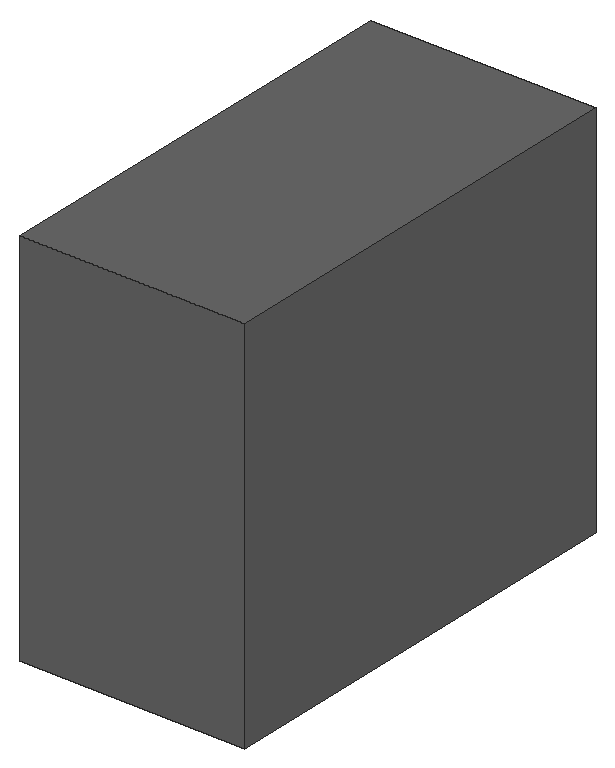
Revit family "Domotics-DomesticRanges-GEWISS-SYSTEM_COMMAND-DIMMER_ROTATING", category Apparecchi elettrici, host Superficie, Revit 2016
Family settings
  Host = Superficie
  Mantenere orientamento annotazione = Sì
  Tipo di parte = Normale
  Quota connettore circolare = Usa diametro
  Taglio con vuoti quando caricato = Sì
  Condiviso = Sì
  Punto di calcolo locali = Sì
Parameters (values of type "GW21811 - Elec.dimmer rot.2way 230V 100-500W black")
  Volt = 230 V
  Vista in pianta [instance] = yes
  Version file RFA = "19.4"
  URL = "https://www.gewiss.com/ww/en"
  Tipo simbolo = PULSANTI : DIMMMANOPDEV
  Technical sheet = "https://www.gewiss.com/ww/en/search?q=GW21811"
  TIPO = System Dimmer Pulsante Rotativo_GENERICO : nero
  Supply voltage = "230V - 50 / 60 Hz"
  Simbolo [instance] = yes
  SEO = "Dimmer"
  Resistive load 230V ac = "100-500 W"
  Resistive load = "100-500 W"
  Realized by GEWISS S.p.A. = ""
  Default Elevation = 1219.2 mm
  Produttore = "GEWISS S.p.A."
  Offset presa [instance] = 0 mm
  Offset bidimensionale [instance] = 39 mm
  No. SYSTEM modules = "1"
  N. poli = 1
  Modello = "GW21811"
  Load type = "Resistive/Inductive"
  Inductive load 230V ac = "100-500 VA"
  Inductive load = "100-500 VA"
  Immagine tipo = GW21811.jpg
  IFC.TypeObject = ""
  IFC.ExportType = ""
  IFC.ExportAs = ""
  IDT = "cd208314-872c-4e47-a50d-a4c5fc02c05e"
  IDF = "4e647ec0-afb7-4243-b30c-ae0389bc0b33"
  Electrocod = "0130"
  EAN code = "8011564129351"
  Distanza_x [instance] = 0 mm
  Distanza_effettiva_y [instance] = 100 mm
  Distanza_effettiva_x [instance] = 1000 mm - Distanza_x  # 1000 mm
  Distanza orizzontale del simbolo [instance] = 77.492 mm
  Distanza dal muro [instance] = 4.208 mm
  Descrizione = "ELEC.DIMMER ROT.2WAY 230V 100-500W SY/BK"
  Description. = "Rotary dimmer"
  Control = "Rotary"
  Command = "Rotary"
  Colour = "Black"
  Catalogue Range = "SYSTEM - DOMESTIC RANGE"
  Catalogue = "DOMOTICS"
  Carico apparente = 0 VA
  COBie.Tagnumber = ""
  COBie.CreatedOn = ""
  COBie.CreatebBy = ""
  COBie.ComponentRegisterItemID = ""
  COBie.Component.TagNumber = ""
  COBie.Component.Space = ""
  COBie.Component.SerialNumber = ""
  COBie.Component.InstallationDate = ""
  COBie.Component.Description = ""
  COBie.Component.BarCode = ""
Types (6, lengths in mm): name | Tipo simbolo | Technical sheet | TIPO | Resistive load 230V ac | Resistive load | Modello | Load type | Inductive load 230V ac | Inductive load | Immagine tipo | IDT | EAN code | Descrizione | Colour
  GW20802 - Elec.dimmer rot.230V 100-500W white | PULSANTI : DIMMMANOP | "https://www.gewiss.com/ww/en/search?q=GW20802" | System Dimmer Pulsante Rotativo_GENERICO : bianco | "100-500 W" | "100-500 W" | "GW20802" | "Resistive" | "" | "" | GW20802.jpg | "a6d9a81c-2cdb-42a3-8983-78db3d17be39" | "8011564001183" | "ELEC.DIMMER ROT.230V 100-500W SY/WT" | "White"
  GW20803 - Elec.dimmer rot.230V 100-900W white | PULSANTI : DIMMMANOP | "https://www.gewiss.com/ww/en/search?q=GW20803" | System Dimmer Pulsante Rotativo_GENERICO : bianco | "100-900 W" | "100-900 W" | "GW20803" | "Resistive/Inductive" | "40-300 VA" | "40-300 VA" | GW20803.jpg | "64336ce2-9e72-4c47-bfb2-aeb1ec7e4ba8" | "8011564001190" | "ELEC.DIMMER ROT.230V 100-900W SY/WT" | "White"
  GW20811 - Elec.dimmer rot.2way 230V 100-500W white | PULSANTI : DIMMMANOPDEV | "https://www.gewiss.com/ww/en/search?q=GW20811" | System Dimmer Pulsante Rotativo_GENERICO : bianco | "100-500 W" | "100-500 W" | "GW20811" | "Resistive/Inductive" | "100-500 VA" | "100-500 VA" | GW20811.jpg | "4bda530b-0e0a-4e2d-b240-2a2a9c0bd9f8" | "8011564054875" | "ELEC.DIMMER ROT.2WAY 230V 100-500W SY/WT" | "White"
  GW21802 - Elec.dimmer rot.230V 100-500W black | PULSANTI : DIMMMANOP | "https://www.gewiss.com/ww/en/search?q=GW21802" | System Dimmer Pulsante Rotativo_GENERICO : nero | "100-500 W" | "100-500 W" | "GW21802" | "Resistive" | "" | "" | GW21802.jpg | "651a05a7-cfd3-44ad-a0c5-311b59714b6a" | "8011564129320" | "ELEC.DIMMER ROT.230V 100-500W SY/BK" | "Black"
  GW21803 - Elec.dimmer rot.230V 100-900W black | PULSANTI : DIMMMANOP | "https://www.gewiss.com/ww/en/search?q=GW21803" | System Dimmer Pulsante Rotativo_GENERICO : nero | "100-900 W" | "100-900 W" | "GW21803" | "Resistive/Inductive" | "40-300 VA" | "40-300 VA" | GW21803.jpg | "5aa27e53-bfd2-41be-85d0-22e14fdf6e2a" | "8011564129344" | "ELEC.DIMMER ROT.230V 100-900W SY/BK" | "Black"
  GW21811 - Elec.dimmer rot.2way 230V 100-500W black | PULSANTI : DIMMMANOPDEV | "https://www.gewiss.com/ww/en/search?q=GW21811" | System Dimmer Pulsante Rotativo_GENERICO : nero | "100-500 W" | "100-500 W" | "GW21811" | "Resistive/Inductive" | "100-500 VA" | "100-500 VA" | GW21811.jpg | "cd208314-872c-4e47-a50d-a4c5fc02c05e" | "8011564129351" | "ELEC.DIMMER ROT.2WAY 230V 100-500W SY/BK" | "Black"
Reference planes
  plane 1 "Centro (Fronte/Retro)": y = 0
  plane 2: z = 0
  plane 3 "Centro (Sinistra/Destra)": x = 0
  plane 4: x = -1000
  plane 5: x = 0
  plane 6: y = 100
  plane 7: z = 0
  plane 8: z = 39
Lines and regions (mm)
  Masking region 1, visible <- "Vista in pianta"
    outline origin (0, 0, 0) x (1, 0, 0) y (0, 1, 0)
      loop
        line (-11.5, 22.5) -> (-11.5, -22.5) -> (11.5, -22.5) -> (11.5, 22.5) -> (-11.5, 22.5)
  Masking region 2, visible <- "Vista in pianta"
    outline origin (0, 0, 0) x (1, 0, 0) y (0, 0, 1)
      loop
        line (-11.5, 39) -> (-11.5, 0) -> (11.5, 0) -> (11.5, 39) -> (-11.5, 39)
  Masking region 3, visible <- "Vista in pianta"
    outline origin (0, 0, 0) x (0, 1, 0) y (0, 0, 1)
      loop
        line (-22.5, 39) -> (-22.5, 0) -> (22.5, 0) -> (22.5, 39) -> (-22.5, 39)
Dimensions and locks
  plane 4 to plane 3 "Centro (Sinistra/Destra)" = 1000 mm
  "Distanza_effettiva_x": plane 4 to plane 5
  "Distanza_effettiva_y": plane 6 to plane 1 "Centro (Fronte/Retro)"
  "Offset presa": plane 7 to host face
  "Offset bidimensionale": plane 8 to host face
  aligned and locked: plane 2 to host face
  aligned and locked: level to host face
  aligned and locked: nested 2 to plane 6
  aligned and locked: plane 5 to nested 2
  aligned and locked: Masking region 1 sketch curve to nested 1  (x4)
  aligned and locked: Masking region 2 sketch curve to nested 1  (x4)
  aligned and locked: nested 1 to plane 7
  aligned and locked: import instance to plane 8
  aligned and locked: Masking region 3 sketch curve to nested 1  (x4)
Automatic sketch dimensions
  host sketch curve to host sketch curve = 2438.4 mm  (x2)
Nested families
  nested 1: "System Dimmer Pulsante Rotativo_GENERICO" at (0, 0, 0), type <- "TIPO", type "nero", detail levels medium+fine
  nested 2: "PULSANTI" at (0, 100, 0), Distanza dal muro <- "Distanza dal muro", SIMBOLO <- "Simbolo", type <- "Tipo simbolo", visible <- "Simbolo", type "DIMMMANOPDEV"
    with TESTO ELETTRICO "", SIMBOLO yes, Distanza dal muro 4.208 mm, BORDO ACCESO yes
Connectors
  electrical at (0, 0, 0), driven by "N. poli", driven by "Volt", driven by "Carico apparente"
    settings: on nested 1, index 1, voltage 230 V, apparent load 0 VA, apparent load phase1 0 VA, apparent load phase2 0 VA, apparent load phase3 0 VA, power factor 1, load classification "Altro", number of poles 1, system type 31, power factor state 1, is connector primary yes, connector utility no, sub classification motor no, connector description ""
Definition of nested family "System Dimmer Pulsante Rotativo_GENERICO"
  Parameters (values of type "bianco")
    Profondità presa = 39 mm
    Lunghezza = 43 mm
    Larghezza = 25 mm
    Finitura Dimmer = none
    Altezza da Terra = 750 mm
  Types (2): name
    bianco
    nero
  Reference planes
    plane 1 "Centro (Fronte/Retro)": y = 0
    plane 2: z = 0
    plane 3 "Centro (Sinistra/Destra)": x = 0
    plane 4: z = 39
  Forms (mm)
    Extrusion 1, solid, material <- "Finitura Dimmer"
      sketch origin (-34.399, -795.742, 39) x (1, 0, 0) y (0, 1, 0)
        loop
          line (22.899, 818.242) -> (22.899, 773.242) -> (45.899, 773.242) -> (45.899, 818.242) -> (22.899, 818.242)
      from 0 to -39
  Lines and regions (mm)
    model lines, detail levels medium+fine
      curve 1: circle (0.165, 5.027, 39) r 7.891 normal (0, 0, 1)
      curve 2: circle (0.165, 5.027, 39) r 9.447 normal (0, 0, 1)
      curve 3: circle (0.165, -11.593, 39) r 3.104 normal (0, 0, 1)
      curve 4: line (-6.325, 15.158, 39) -> (-4.091, 17.334, 39)
      curve 5: line (-4.091, 17.334, 39) -> (-1.457, 18.479, 39)
      curve 6: line (-1.457, 18.479, 39) -> (1.635, 19.109, 39)
      curve 7: line (1.635, 19.109, 39) -> (4.441, 18.995, 39)
      curve 8: line (4.441, 18.995, 39) -> (7.361, 17.62, 39)
      curve 9: line (7.361, 17.62, 39) -> (5.471, 15.158, 39)
      curve 10: line (5.471, 15.158, 39) -> (2.494, 16.532, 39)
      curve 11: line (2.494, 16.532, 39) -> (-0.312, 16.933, 39)
      curve 12: line (-0.312, 16.933, 39) -> (-3.175, 16.532, 39)
      curve 13: line (-3.175, 16.532, 39) -> (-5.008, 15.845, 39)
      curve 14: line (-5.008, 15.845, 39) -> (-6.325, 15.158, 39)
  Dimensions and locks
    "Profondità presa": plane 4 to level
    aligned and locked: level to plane 2
    aligned and locked: Extrusion 1 to level
  Automatic sketch dimensions
    Extrusion 1 sketch curve to plane 3 "Centro (Sinistra/Destra)" = 11.5 mm
    plane 3 "Centro (Sinistra/Destra)" to Extrusion 1 sketch curve = 11.5 mm
    plane 1 "Centro (Fronte/Retro)" to Extrusion 1 sketch curve = 22.5 mm
    Extrusion 1 sketch curve to plane 1 "Centro (Fronte/Retro)" = 22.5 mm
    curve 1 to curve 2 = 0 mm  (x2)
    curve 4 to Extrusion 1 = 5.175 mm
    curve 4 to curve 13 = 1.317 mm
    curve 14 to curve 5 = 0.916 mm
    curve 5 to curve 12 = 0.916 mm
    curve 6 to Extrusion 1 = 4.021 mm
    curve 13 to curve 6 = 1.718 mm
    curve 12 to Extrusion 1 = 5.567 mm
    curve 5 to curve 12 = 1.145 mm
    curve 1 to Extrusion 1 = 11.335 mm
    curve 3 to Extrusion 1 = 11.335 mm
    curve 7 to Extrusion 1 = 3.391 mm
    curve 11 to curve 7 = 1.947 mm
    curve 6 to curve 11 = 0.859 mm
    curve 7 to Extrusion 1 = 3.505 mm
    curve 6 to curve 7 = 2.806 mm
    curve 10 to curve 10 = 2.978 mm
    curve 9 to curve 8 = 1.89 mm
    curve 10 to curve 6 = 2.577 mm
    curve 12 to curve 5 = 1.947 mm
    curve 13 to curve 12 = 0.687 mm
    curve 14 to curve 13 = 0.687 mm
    curve 9 to curve 10 = 1.374 mm
    curve 1 to curve 9 = 10.131 mm
    curve 3 to Extrusion 1 = 10.907 mm
    curve 12 to curve 5 = 0.802 mm
    curve 9 to curve 9 = 2.462 mm
    radius of curve 1 = 7.891 mm
    radius of curve 2 = 9.447 mm
    radius of curve 3 = 3.104 mm
Definition of nested family "PULSANTI"
  Parameters (values of type "DIMMMANOP")
    TESTO ELETTRICO [instance] = ""
    Simbolo = PULSANTI_BASE : DIMMMANOP
    SIMBOLO [instance] = yes
    Distanza dal muro [instance] = 4.208 mm
    BORDO ACCESO [instance] = yes
  Types (11, lengths in mm): name | TESTO ELETTRICO | Simbolo
    PULSANTE | "" | PULSANTI_BASE : PULSANTE
    PULSTIRANTE | "" | PULSANTI_BASE : PULSTIRANTE
    PULSCHIAVE | "" | PULSANTI_BASE : PULSCHIAVE
    TARGA | "" | PULSANTI_BASE : TARGA
    RRNC | "A" | PULSANTI_BASE : RRNC
    MARNO | "M" | PULSANTI_BASE : MARNO
    LUM | "" | PULSANTI_BASE : LUM
    DOPPIO | "" | PULSANTI_BASE : DOPPIO
    DIMMPULS | "" | PULSANTI_BASE : DIMMPULS
    DIMMMANOP | "" | PULSANTI_BASE : DIMMMANOP
    DIMMMANOPDEV | "" | PULSANTI_BASE : DIMMMANOPDEV
  Reference planes
    plane 1: y = 0
    plane 2: x = 0
  Lines and regions (mm)
    detail lines, visible <- "BORDO ACCESO", not visible
      curve 1: line (-2.25, 0.412, 0) -> (2.25, 0.412, 0)
      curve 2: line (2.25, 0.412, 0) -> (2.25, -5.588, 0)
      curve 3: line (2.25, -5.588, 0) -> (-2.25, -5.588, 0)
      curve 4: line (-2.25, -5.588, 0) -> (-2.25, 0.412, 0)
      curve 30: line (-1.85, 0.012, 0) -> (1.85, 0.012, 0)
      curve 31: line (1.85, 0.012, 0) -> (1.85, -5.188, 0)
      curve 32: line (1.85, -5.188, 0) -> (-1.85, -5.188, 0)
      curve 33: line (-1.85, -5.188, 0) -> (-1.85, 0.012, 0)
      curve 34: line (-2.25, 6, 0) -> (2.25, 6, 0)
      curve 35: line (2.25, 6, 0) -> (2.25, 0, 0)
      curve 36: line (2.25, 0, 0) -> (-2.25, 0, 0)
      curve 37: line (-2.25, 0, 0) -> (-2.25, 6, 0)
      curve 61: line (-1.85, 5.6, 0) -> (1.85, 5.6, 0)
      curve 62: line (1.85, 5.6, 0) -> (1.85, 0.4, 0)
      curve 63: line (1.85, 0.4, 0) -> (-1.85, 0.4, 0)
      curve 64: line (-1.85, 0.4, 0) -> (-1.85, 5.6, 0)
      curve 65: line (-2.443, 10.208, 0) -> (2.057, 10.208, 0)
      curve 66: line (2.057, 10.208, 0) -> (2.057, 4.208, 0)
      curve 67: line (2.057, 4.208, 0) -> (-2.443, 4.208, 0)
      curve 68: line (-2.443, 4.208, 0) -> (-2.443, 10.208, 0)
      curve 69: line (-2.043, 9.808, 0) -> (1.657, 9.808, 0)
      curve 70: line (1.657, 9.808, 0) -> (1.657, 4.608, 0)
      curve 71: line (1.657, 4.608, 0) -> (-2.043, 4.608, 0)
      curve 72: line (-2.043, 4.608, 0) -> (-2.043, 9.808, 0)
    detail lines, not visible
      curve 5: line (-9.473, -5.588, 0) -> (10.527, -5.588, 0)
      curve 6: circle (-0.56, -0.487, 0) r 0.969 normal (0, 0, 1)
      curve 7: line (-0.005, 0.306, 0) -> (0.852, 1.529, 0)
      curve 8: line (0.852, 1.529, 0) -> (1.529, 1.047, 0)
      curve 9: circle (-0.56, -315.487, 0) r 0.969 normal (0, 0, 1)
      curve 10: line (-0.005, -314.694, 0) -> (0.852, -313.471, 0)
      curve 11: line (0.852, -313.471, 0) -> (1.529, -313.953, 0)
      curve 12: line (-1.245, -314.803, 0) -> (0.124, -316.172, 0)
      curve 13: line (0.124, -314.803, 0) -> (-1.245, -316.172, 0)
      curve 14: circle (-0.56, -480.487, 0) r 0.969 normal (0, 0, 1)
      curve 15: line (-0.005, -479.694, 0) -> (0.852, -478.471, 0)
      curve 16: line (0.852, -478.471, 0) -> (1.529, -478.953, 0)
      curve 17: line (0.493, -478.983, 0) -> (1.167, -479.462, 0)
      curve 18: circle (-0.56, -880.487, 0) r 0.969 normal (0, 0, 1)
      curve 19: line (-0.005, -879.694, 0) -> (0.852, -878.471, 0)
      curve 20: line (0.852, -878.471, 0) -> (1.529, -878.953, 0)
      curve 21: line (-1.245, -879.803, 0) -> (0.124, -881.172, 0)
      curve 22: line (0.124, -879.803, 0) -> (-1.245, -881.172, 0)
      curve 23: line (0.493, -878.983, 0) -> (1.167, -879.462, 0)
      curve 24: circle (-0.56, -365.487, 0) r 0.969 normal (0, 0, 1)
      curve 25: line (-0.005, -364.694, 0) -> (0.852, -363.471, 0)
      curve 26: line (0.852, -363.471, 0) -> (1.529, -363.953, 0)
      curve 27: line (-0.56, -364.925, 0) -> (-0.56, -366.05, 0)
      curve 28: line (0.493, -363.983, 0) -> (1.167, -364.462, 0)
      curve 29: line (0, 3.621, 0) -> (0, -16.379, 0)
      curve 38: circle (-0.56, 2.417, 0) r 0.969 normal (0, 0, 1)
      curve 39: line (-0.005, 3.21, 0) -> (0.852, 4.433, 0)
      curve 40: line (0.852, 4.433, 0) -> (1.529, 3.951, 0)
      curve 41: circle (-0.56, 2.417, 0) r 0.969 normal (0, 0, 1)
      curve 42: line (-0.005, 3.21, 0) -> (0.852, 4.433, 0)
      curve 43: line (0.852, 4.433, 0) -> (1.529, 3.951, 0)
      curve 44: line (-1.245, 3.102, 0) -> (0.124, 1.732, 0)
      curve 45: line (0.124, 3.102, 0) -> (-1.245, 1.732, 0)
      curve 46: circle (-0.56, 2.417, 0) r 0.969 normal (0, 0, 1)
      curve 47: line (-0.005, 3.21, 0) -> (0.852, 4.433, 0)
      curve 48: line (0.852, 4.433, 0) -> (1.529, 3.951, 0)
      curve 49: circle (-0.56, 2.417, 0) r 0.969 normal (0, 0, 1)
      curve 50: line (-0.005, 3.21, 0) -> (0.852, 4.433, 0)
      curve 51: line (0.852, 4.433, 0) -> (1.529, 3.951, 0)
      curve 52: line (-1.245, 3.102, 0) -> (0.124, 1.732, 0)
      curve 53: line (0.124, 3.102, 0) -> (-1.245, 1.732, 0)
      curve 54: line (0.493, 3.921, 0) -> (1.167, 3.442, 0)
      curve 55: line (0.493, 3.921, 0) -> (1.167, 3.442, 0)
      curve 56: circle (-0.56, 2.417, 0) r 0.969 normal (0, 0, 1)
      curve 57: line (-0.005, 3.21, 0) -> (0.852, 4.433, 0)
      curve 58: line (0.852, 4.433, 0) -> (1.529, 3.951, 0)
      curve 59: line (-0.56, 2.979, 0) -> (-0.56, 1.854, 0)
      curve 60: line (0.493, 3.921, 0) -> (1.167, 3.442, 0)
      curve 73: line (-1.644, 2.848, 0) -> (1.644, 2.848, 0)
      curve 74: line (-1.644, 0.61, 0) -> (-1.644, 2.848, 0)
      curve 75: line (1.644, 0.61, 0) -> (-1.644, 0.61, 0)
      curve 76: line (1.644, 2.848, 0) -> (1.644, 0.61, 0)
      curve 77: line (-1.325, 0.987, 0) -> (1.325, 0.987, 0)
      curve 78: circle (0, 1.912, 0) r 0.5 normal (0, 0, 1)
      curve 79: circle (0, 1.912, 0) r 0.8 normal (0, 0, 1)
      curve 80: line (-1.325, 0.987, 0) -> (1.325, 0.987, 0)
      curve 81: line (-0.354, 2.265, 0) -> (0.354, 1.558, 0)
      curve 82: line (0.354, 2.265, 0) -> (-0.354, 1.558, 0)
  Dimensions and locks
    aligned and locked: curve 5 to curve 3
    aligned and locked: plane 2 to nested 1
    aligned and locked: plane 1 to nested 1
  Nested families
    nested 1: "PULSANTI_BASE" at (0, 0, 0), BORDO ACCESO <- "BORDO ACCESO", type <- "Simbolo", TESTO ELETTRICO <- "TESTO ELETTRICO", visible <- "SIMBOLO", type "DIMMMANOP"
      with TESTO ELETTRICO "", BORDO ACCESO yes
  Definition of nested family "PULSANTI_BASE"
    Parameters (values of type "DIMMMANOPDEV")
      TEXT = no
      TESTO ELETTRICO [instance] = ""
      TARGA = no
      PULSANTECHIAVE = no
      PULSTIRANTE = no
      PULSANTE = no
      LUM = no
      DOPPIO = no
      DIMMPULSINT = no
      DIMMPULS = no
      DIMMMANOPDEV = yes
      BORDO ACCESO [instance] = yes
    Types (11, lengths in mm): name | TEXT | TARGA | PULSANTECHIAVE | PULSTIRANTE | PULSANTE | LUM | DOPPIO | DIMMPULSINT | DIMMPULS | DIMMMANOPDEV
      PULSANTE | no | no | no | no | yes | no | no | no | no | no
      PULSTIRANTE | no | no | no | yes | yes | no | no | no | no | no
      PULSCHIAVE | no | no | yes | no | yes | no | no | no | no | no
      TARGA | no | yes | no | no | no | no | no | no | no | no
      RRNC | yes | no | no | no | yes | no | no | no | no | no
      MARNO | yes | no | no | no | yes | no | no | no | no | no
      LUM | no | no | no | no | no | yes | no | no | no | no
      DOPPIO | no | no | no | no | no | no | yes | no | no | no
      DIMMPULS | no | no | no | no | no | no | no | yes | yes | no
      DIMMMANOP | no | no | no | no | no | no | no | no | yes | no
      DIMMMANOPDEV | no | no | no | no | no | no | no | no | no | yes
    Reference planes
      plane 1: y = 0
      plane 2: x = 0
    Lines and regions (mm)
      detail lines, visible <- "PULSANTE"
        curve 1: circle (0, 1.258, 0) r 0.527 normal (0, 0, 1)
        curve 11: circle (0, 1.258, 0) r 0.394 normal (0, 0, 1)
      detail lines, visible <- "BORDO ACCESO", not visible
        curve 2: line (-1.943, 9.208, 0) -> (1.857, 9.208, 0)
        curve 3: line (1.857, 9.208, 0) -> (1.857, 4.208, 0)
        curve 4: line (1.857, 4.208, 0) -> (-1.943, 4.208, 0)
        curve 5: line (-1.943, 4.208, 0) -> (-1.943, 9.208, 0)
        curve 6: line (-1.743, 9.008, 0) -> (1.657, 9.008, 0)
        curve 7: line (1.657, 9.008, 0) -> (1.657, 4.408, 0)
        curve 8: line (1.657, 4.408, 0) -> (-1.743, 4.408, 0)
        curve 9: line (-1.743, 4.408, 0) -> (-1.743, 9.008, 0)
      detail lines, visible <- "PULSANTECHIAVE"
        curve 10: line (0, 1.49, 0) -> (0, 0.929, 0)
      detail lines, visible <- "PULSTIRANTE"
        curve 12: line (0, 0.732, 0) -> (0, 0.441, 0)
        curve 13: line (-0.162, 0.441, 0) -> (0.162, 0.441, 0)
        curve 14: line (-0.162, 0.441, 0) -> (0, 0.16, 0)
        curve 15: line (0, 0.16, 0) -> (0.162, 0.441, 0)
      detail lines, visible <- "TARGA"
        curve 16: line (-0.866, 1.843, 0) -> (0.866, 1.843, 0)
        curve 17: line (-0.866, 0.665, 0) -> (-0.866, 1.843, 0)
        curve 18: line (0.866, 0.665, 0) -> (-0.866, 0.665, 0)
        curve 19: line (0.866, 1.843, 0) -> (0.866, 0.665, 0)
        curve 20: line (-0.698, 0.863, 0) -> (-0.469, 0.863, 0)
        curve 21: circle (0, 1.35, 0) r 0.263 normal (0, 0, 1)
        curve 22: circle (0, 1.35, 0) r 0.421 normal (0, 0, 1)
        curve 23: line (-0.698, 0.863, 0) -> (-0.469, 0.863, 0)
        curve 24: line (-0.186, 1.536, 0) -> (0.186, 1.164, 0)
        curve 25: line (0.186, 1.536, 0) -> (-0.186, 1.164, 0)
      detail lines, visible <- "TARGA", not visible
        curve 26: line (-1.644, 2.848, 0) -> (1.644, 2.848, 0)
        curve 27: line (-1.644, 0.61, 0) -> (-1.644, 2.848, 0)
        curve 28: line (1.644, 0.61, 0) -> (-1.644, 0.61, 0)
        curve 29: line (1.644, 2.848, 0) -> (1.644, 0.61, 0)
        curve 30: line (-1.325, 0.987, 0) -> (1.325, 0.987, 0)
        curve 31: circle (0, 1.912, 0) r 0.5 normal (0, 0, 1)
        curve 32: circle (0, 1.912, 0) r 0.8 normal (0, 0, 1)
        curve 33: line (-1.325, 0.987, 0) -> (1.325, 0.987, 0)
        curve 34: line (-0.354, 2.265, 0) -> (0.354, 1.558, 0)
        curve 35: line (0.354, 2.265, 0) -> (-0.354, 1.558, 0)
        curve 59: line (-0.866, 3.093, 0) -> (0.866, 3.093, 0)
        curve 60: line (-0.866, 1.915, 0) -> (-0.866, 3.093, 0)
        curve 61: line (0.866, 1.915, 0) -> (-0.866, 1.915, 0)
        curve 62: line (0.866, 3.093, 0) -> (0.866, 1.915, 0)
        curve 63: line (-0.698, 2.113, 0) -> (0.698, 2.113, 0)
        curve 64: circle (0, 2.6, 0) r 0.263 normal (0, 0, 1)
        curve 65: circle (0, 2.6, 0) r 0.421 normal (0, 0, 1)
        curve 66: line (-0.698, 2.113, 0) -> (0.698, 2.113, 0)
        curve 67: line (-0.186, 2.786, 0) -> (0.186, 2.414, 0)
        curve 68: line (0.186, 2.786, 0) -> (-0.186, 2.414, 0)
      detail lines, visible <- "LUM"
        curve 36: circle (0, 1.258, 0) r 0.527 normal (0, 0, 1)
        curve 37: circle (0, 1.258, 0) r 0.394 normal (0, 0, 1)
        curve 38: line (0.279, 0.979, 0) -> (-0.279, 1.537, 0)
        curve 39: line (-0.279, 0.979, 0) -> (0.279, 1.537, 0)
      detail lines, visible <- "LUM", not visible
        curve 40: circle (0, -4.588, 0) r 1 normal (0, 0, 1)
        curve 41: circle (0, -4.588, 0) r 0.749 normal (0, 0, 1)
        curve 42: line (0.53, -5.117, 0) -> (-0.53, -4.058, 0)
        curve 43: line (-0.53, -5.117, 0) -> (0.53, -4.058, 0)
        curve 69: circle (0, 2.508, 0) r 0.527 normal (0, 0, 1)
        curve 70: circle (0, 2.508, 0) r 0.394 normal (0, 0, 1)
        curve 71: line (0.279, 2.229, 0) -> (-0.279, 2.787, 0)
        curve 72: line (-0.279, 2.229, 0) -> (0.279, 2.787, 0)
      detail lines, visible <- "DOPPIO"
        curve 44: circle (0, 1.785, 0) r 0.527 normal (0, 0, 1)
        curve 45: circle (0, 1.785, 0) r 0.394 normal (0, 0, 1)
        curve 46: circle (0, 0.732, 0) r 0.527 normal (0, 0, 1)
        curve 47: circle (0, 0.732, 0) r 0.394 normal (0, 0, 1)
      detail lines, visible <- "DOPPIO", not visible
        curve 48: circle (0, -6.992, 0) r 1 normal (0, 0, 1)
        curve 49: circle (0, -6.992, 0) r 0.749 normal (0, 0, 1)
        curve 50: circle (0, -8.992, 0) r 1 normal (0, 0, 1)
        curve 51: circle (0, -8.992, 0) r 0.749 normal (0, 0, 1)
        curve 73: circle (0, 3.035, 0) r 0.527 normal (0, 0, 1)
        curve 74: circle (0, 3.035, 0) r 0.394 normal (0, 0, 1)
        curve 75: circle (0, 1.982, 0) r 0.527 normal (0, 0, 1)
        curve 76: circle (0, 1.982, 0) r 0.394 normal (0, 0, 1)
      detail lines, visible <- "PULSANTE", not visible
        curve 52: circle (0, 2.508, 0) r 0.527 normal (0, 0, 1)
        curve 54: circle (0, 2.508, 0) r 0.394 normal (0, 0, 1)
      detail lines, visible <- "PULSANTECHIAVE", not visible
        curve 53: line (0, 2.809, 0) -> (0, 2.179, 0)
      detail lines, visible <- "PULSTIRANTE", not visible
        curve 55: line (0, 1.982, 0) -> (0, 1.691, 0)
        curve 56: line (-0.162, 1.691, 0) -> (0.162, 1.691, 0)
        curve 57: line (-0.162, 1.691, 0) -> (0, 1.41, 0)
        curve 58: line (0, 1.41, 0) -> (0.162, 1.691, 0)
      detail lines, visible <- "DIMMPULS"
        curve 77: circle (-0.18, 0.945, 0) r 0.4 normal (0, 0, 1)
        curve 79: line (-0.118, 1.411, 0) -> (0.479, 1.411, 0)
        curve 80: line (0.479, 1.411, 0) -> (0.479, 1.676, 0)
        curve 81: line (0.479, 1.676, 0) -> (-0.118, 1.411, 0)
        curve 82: line (0.095, 1.236, 0) -> (0.521, 1.843, 0)
      detail lines, visible <- "DIMMPULSINT"
        curve 78: circle (-0.18, 0.945, 0) r 0.3 normal (0, 0, 1)
      detail lines, visible <- "DIMMMANOPDEV"
        curve 83: circle (0.027, 1.185, 0) r 0.289 normal (0, 0, 1)
        curve 84: line (0.071, 1.522, 0) -> (0.502, 1.522, 0)
        curve 85: line (0.502, 1.522, 0) -> (0.502, 1.712, 0)
        curve 86: line (0.502, 1.712, 0) -> (0.071, 1.522, 0)
        curve 87: line (0.225, 1.395, 0) -> (0.519, 1.814, 0)
        curve 88: line (0.519, 1.814, 0) -> (0.814, 1.607, 0)
        curve 89: line (-0.088, 0.921, 0) -> (-0.357, 0.485, 0)
        curve 90: line (-0.357, 0.485, 0) -> (-0.664, 0.675, 0)
    Text (mm)
      label "TXT" at (0.016, 1.223, 0), shows "TESTO ELETTRICO", visible <- "TEXT"
      label "TXT" at (0.016, 2.473, 0), shows "TESTO ELETTRICO", visible <- "TEXT", not visible
